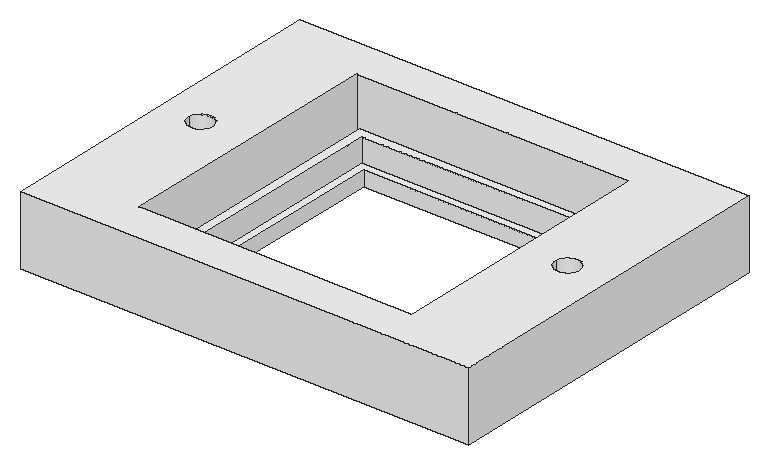
Revit family "Gira_021165", category Electrical Fixtures, host Face, Revit 2017
Family settings
  Host = Face
  Maintain Annotation Orientation = No
  Round Connector Dimension = Use Diameter
  Part Type = Normal
  Cut with Voids When Loaded = No
  Shared = No
  Room Calculation Point = No
Parameters (values of type "Abdeckrahmen 1f Gira TX_44 (WG UP) F Alu")
  Werkstoffgüte = "Thermoplast"
  Werkstoff = "Kunststoff"
  URL = "http://katalog.gira.de/de_DE/datenblatt.html?artikelnr=021165"
  Transparent = "No"
  Textfeld/Beschriftungsfläche = "No"
  Schutzart (IP) = "IP44"
  Region = "DE"
  Oberfläche = "lackiert"
  Name = "Abdeckrahmen 1f Gira TX_44 (WG UP) F Alu"
  Montagerichtung = "horizontal und vertikal"
  Mit Montagerahmen = "No"
  Mit Klappdeckel = "No"
  Manufacturer URL = "https://www.gira.de/"
  Keynote = "TX44_Rahmen_1fach"
  HeinzeBIM = "https://bimportal.heinze.de/bim/abdeckrahmen-1f-gira-tx-44-wg-up-f-alu/f7995f3a94ec2e8cb941c4f2c983b8fbe8713c30"
  Halogenfrei = "No"
  HAN = "021165"
  Geeignet für Unterputz-Installation = "Yes"
  Geeignet für Unterflurkanaldose = "No"
  Geeignet für Geräteeinbaukanal = "No"
  Geeignet für Einbauinstallation = "No"
  GTIN = "4010337211655"
  Farbe = "aluminium"
  Default Elevation = 1219.2 mm
  Data sheet (1) = "https://katalog.gira.de/de_DE/download.html?artikelnr=021165"
  Category = "Abdeckrahmen"
  Befestigungsart = "Klemmbefestigung"
  Available = "Yes"
  Anzahl der Einheiten vertikal = "1 "
  Anzahl der Einheiten horizontal = "1 "
  Anzahl der Einheiten = "1 "
Reference planes
  plane 1 "Center (Front/Back)": y = 0
  plane 2: z = 0
  plane 3 "Center (Left/Right)": x = 0
Forms (mm)
  Extrusion 1, solid, material "White", detail levels fine
    sketch origin (0, 0, 0) x (1, 0, 0) y (0, 1, 0)
      loop
        line (-54.959, 42.909) -> (-54.959, -42.909) -> (54.959, -42.909) -> (54.959, 42.909) -> (-54.959, 42.909)
      loop
        line (-33.5, -33.5) -> (33.5, -33.5) -> (33.5, 33.5) -> (-33.5, 33.5) -> (-33.5, -33.5)
      loop
        circle (-45, -0.006) r 3
      loop
        circle (44.992, 0.001) r 3
    from 0 to 16.9
  Extrusion 2, solid, material "White", detail levels fine
    sketch origin (0, 0, 0) x (1, 0, 0) y (0, 1, 0)
      loop
        line (-25.5, 25.5) -> (-25.5, -25.5) -> (25.5, -25.5) -> (25.5, 25.5) -> (-25.5, 25.5)
      loop
        line (-33.5, 33.5) -> (-33.5, -33.5) -> (33.5, -33.5) -> (33.5, 33.5) -> (-33.5, 33.5)
    from -1.6 to 2
  Extrusion 3, solid, material "White", detail levels fine
    sketch origin (0, 0, 0) x (1, 0, 0) y (0, 1, 0)
      loop
        line (-27.5, 27.5) -> (-27.5, -27.5) -> (27.5, -27.5) -> (27.5, 27.5) -> (-27.5, 27.5)
      loop
        line (-29.5, 29.5) -> (-29.5, -29.5) -> (29.5, -29.5) -> (29.5, 29.5) -> (-29.5, 29.5)
    from 2 to 7.8
  Extrusion 4, solid, material "White", detail levels coarse+medium
    sketch origin (0, 0, 0) x (1, 0, 0) y (0, 1, 0)
      loop
        line (-54.959, 42.909) -> (-54.959, -42.909) -> (54.959, -42.909) -> (54.959, 42.909) -> (-54.959, 42.909)
    from -1.6 to 16.9
Dimensions and locks
  aligned and locked: plane 2 to host face
  aligned and locked: level to host face
